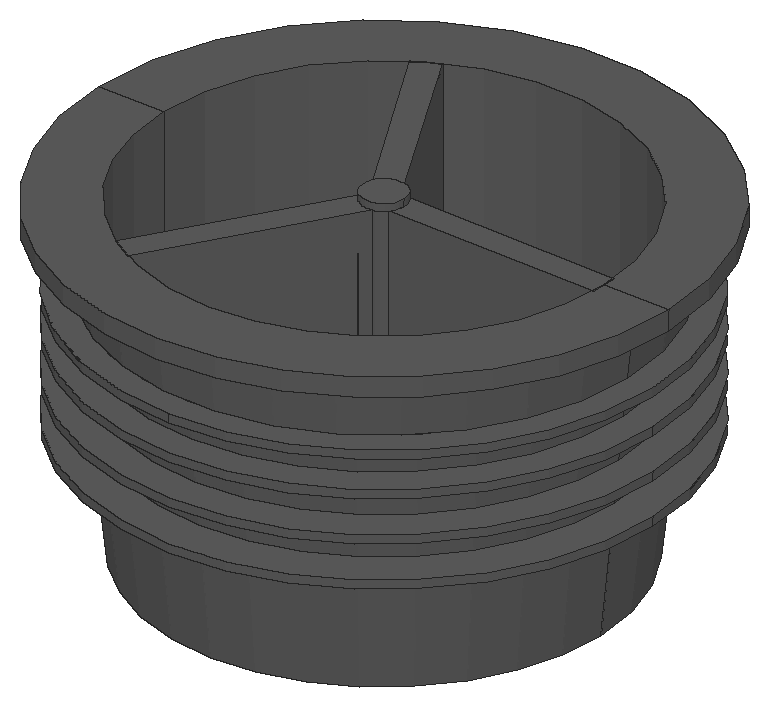
Revit family "Seal_Trap_Barrier-Zurn-Z1072", category Plumbing Fixtures, Revit 2022
Family settings
  Round Connector Dimension = Use Radius
  Part Type = Normal
  OmniClass Number = 23.45.55.21
  OmniClass Title = Drains (Wastes)
  Work Plane-Based = No
  Always vertical = Yes
  Cut with Voids When Loaded = No
  Maintain Annotation Orientation = No
  Shared = No
  Room Calculation Point = No
Parameters (values of type "Z1072-2 for 2 Inch Pipe/Outlet")
  Waste Connection = 1 = 1  # yes
  WFU = 1  # constant formula
  Vent Connection = 1 = 0  # no
  URL = "http://zurn.com"
  Tip Thickness = 0.070"
  Ribs Gap Diameter = [Diameter (A)] - 0.500"  # 1.700"
  Ribs Diameter = [Diameter (A)] - 0.125"  # 2.075"
  Product data url = "https://bimobject.com/zurnindustries/product/Z1072"
  Product Page URL = "https://www.zurn.com/products/drainage-interceptors/floor-drains/finish-floor-drains/z1072"
  Product Installation Sheet URL = "https://files.zurn.com/care-cleaning-install-warranty-sheets/fd95.pdf"
  Product Documentation Link = "https://files.zurn.com/spec-sheets/z1072.pdf"
  Inside Ribs Height = [Height (B)] / 2.25  # 0.54222"
  Flow Rate (G.P.M.) = 12.000"
  Ribs Gap Radius = Ribs Gap Diameter / 2  # 0.850"
  Bottom Diameter = 1.672"
  Diameter (A) = 2.200"
  Modified Date = "02/13/2026"  # constant formula
  Model = "Z1072"  # constant formula
  Manufacturer Brand = "Zurn"  # constant formula
  Manufacturer = "Zurn Water, LLC"  # constant formula
  Main Material = ABS - Zurn - Acrylonitrile Butadiene Styrene - Black
  Height (B) = 1.220"
  HWFU = 0  # constant formula
  HW Connection = 1 = 0  # no
  Description = "ZShield™ BARRIER TRAP SEAL DEVICE FOR FLOOR DRAINS"  # constant formula
  Default Elevation = 20.000"  # constant formula
  Date Created = "07/30/2020"  # constant formula
  CWFU = 0  # constant formula
  CW Connection = 1 = 0  # no
  Assembly Code = "D2030100"
Types (4): name | Tip Thickness | Ribs Gap Diameter | Ribs Diameter | Product data url | Inside Ribs Height | Flow Rate (G.P.M.) | Ribs Gap Radius | Bottom Diameter | Diameter (A) | Height (B)
  Z1072-2 for 2 Inch Pipe/Outlet | 0.070" | 1.700" | 2.075" | "https://bimobject.com/zurnindustries/product/Z1072" | 0.54222" | 12.000" | 0.850" | 1.672" | 2.200" | 1.220"
  Z1072-3 for 3 Inch Pipe/Outlet | 0.100" | 2.750" | 3.125" | "https://www.bimobject.com/en/search?sort=trending&fullText=Z1072&page=1" | 0.55556" | 34.000" | 1.375" | 2.500" | 3.250" | 1.250"
  Z1072-3.5 for 3.5 Inch Pipe/Outlet | 0.100" | 3.030" | 3.405" | "https://www.bimobject.com/en/search?sort=trending&fullText=Z1072&page=1" | 0.57778" | 52.000" | 1.515" | 3.150" | 3.530" | 1.300"
  Z1072-4 for 4 Inch Pipe/Outlet | 0.130" | 3.630" | 4.005" | "https://www.bimobject.com/en/search?sort=trending&fullText=Z1072&page=1" | 0.57778" | 73.000" | 1.815" | 3.550" | 4.130" | 1.300"
Reference planes (in)
  plane 1 "Center (Front/Back)": y = 0
  plane 2 "05": z = 0.07
  plane 3 "Center (Left/Right)": x = 0.32473
  plane 4 "Front": y = -7.5
  plane 5 "Back": y = 7.5
  plane 6: x = -0.77527
  plane 7: x = 1.42473
  plane 8: z = 0
  plane 9 "07": z = -1.15
  plane 10: x = -0.51127
  plane 11: x = 1.16073
  plane 12: x = -0.64327
  plane 13 "06": z = 0.095
  plane 14 "02": z = -0.54222
  plane 15: z = -0.51097
  plane 16: z = -0.66722
  plane 17 "01": z = -0.69847
  plane 18 "03": z = -0.38597
  plane 19: z = -0.35472
  plane 20: z = -0.21875
  plane 21 "04": z = -0.25
  plane 22: through (0.32473, 0, 48) normal (-0.866, -0.5, 0)
  plane 23: through (0.32473, 0, 48) normal (0.866, -0.5, 0)
Forms (in)
  Revolve 1, solid, material "ABS - Zurn - Acrylonitrile Butadiene Styrene - Black" <- "Main Material", detail levels fine
    sketch origin (0, 0, 0) x (1, 0, 0) y (0, 0, 1)
      loop
        line (-0.64327, 0) -> (-0.51127, -1.15) -> (0.32473, -1.15) -> (0.32473, 0.07) -> (-0.77527, 0.07) -> (-0.77527, 0) -> (-0.64327, 0)
      axis (0.32473, 0.07) -> (0.32473, -1.15)
    angle from 0 to 360
  Extrusion 2, solid, material "ABS - Zurn - Acrylonitrile Butadiene Styrene - Black" <- "Main Material", detail levels fine
    sketch origin (0, 0, 0) x (1, 0, 0) y (0, 1, 0)
      loop
        circle (0.32473, 0) r 0.078
    from 0 to 0.095
  Extrusion 3, solid, material "ABS - Zurn - Acrylonitrile Butadiene Styrene - Black" <- "Main Material", detail levels fine
    sketch origin (0, 0, -0.69847) x (-1, 0, 0) y (0, -1, 0)
      loop
        circle (-0.32473, 0) r 1.0375
    from 0 to 0.03125
  Extrusion 4, solid, material "ABS - Zurn - Acrylonitrile Butadiene Styrene - Black" <- "Main Material", detail levels fine
    sketch origin (0, 0, -0.54222) x (-1, 0, 0) y (0, -1, 0)
      loop
        circle (-0.32473, 0) r 1.0375
    from 0 to 0.03125
  Extrusion 5, solid, material "ABS - Zurn - Acrylonitrile Butadiene Styrene - Black" <- "Main Material", detail levels fine
    sketch origin (0, 0, -0.38597) x (-1, 0, 0) y (0, -1, 0)
      loop
        circle (-0.32473, 0) r 1.0375
    from 0 to 0.03125
  Extrusion 6, solid, material "ABS - Zurn - Acrylonitrile Butadiene Styrene - Black" <- "Main Material", detail levels fine
    sketch origin (0, 0, -0.25) x (0, -1, 0) y (1, 0, 0)
      loop
        circle (0, 0.32473) r 1.0375
    from 0 to 0.03125
  Extrusion 7, void
    sketch origin (0, 0, -0.38597) x (-1, 0, 0) y (0, -1, 0)
      loop
        circle (-0.32473, 0) r 0.85
    from -0.15625 to 0.45597
  Extrusion 8, solid, material "ABS - Zurn - Acrylonitrile Butadiene Styrene - Black" <- "Main Material", detail levels fine
    sketch origin (0, 0, -0.38597) x (-1, 0, 0) y (0, -1, 0)
      loop
        arc (-0.38459, -0.05) -> (-0.40273, 0) -> (-0.38459, 0.05) r 0.078
        line (-0.38459, 0.05) -> (-1.17325, 0.05)
        arc (-1.17325, 0.05) -> (-1.17473, 0) -> (-1.17325, -0.05) r 0.85
        line (-1.17325, -0.05) -> (-0.38459, -0.05)
      loop
        arc (0.05624, -0.75985) -> (0.10027, -0.73612) -> (0.14284, -0.70985) r 0.85
        line (0.14284, -0.70985) -> (-0.25149, -0.02685)
        arc (-0.25149, -0.02685) -> (-0.28573, -0.06755) -> (-0.33809, -0.07685) r 0.078
        line (-0.33809, -0.07685) -> (0.05624, -0.75985)
      loop
        line (-0.25149, 0.02685) -> (0.14284, 0.70985)
        arc (0.14284, 0.70985) -> (0.10027, 0.73612) -> (0.05624, 0.75985) r 0.85
        line (0.05624, 0.75985) -> (-0.33809, 0.07685)
        arc (-0.33809, 0.07685) -> (-0.28573, 0.06755) -> (-0.25149, 0.02685) r 0.078
    from -0.15625 to 0.45597
Cuts and joins
  Extrusion 7 cuts Extrusion 2
  Extrusion 7 cuts Revolve 1
  Extrusion 7 cuts Extrusion 5
  Extrusion 7 cuts Extrusion 6
  joined: Revolve 1, Extrusion 5, Extrusion 6
Lines and regions (in)
  Masking region 1, detail levels fine
    outline origin (0, 0, 0.095) x (-1, 0, 0) y (0, -1, 0)
      loop
        circle (-0.32473, 0) r 1.1
  model lines, detail levels coarse+medium
    curve 1: circle (0.32473, 0, 0.07) r 1.1 normal (0, 0, 1)
    curve 2: circle (0.32473, 0, 0.07) r 0.85 normal (0, 0, 1)
    curve 3: circle (0.32473, 0, 0.095) r 0.078 normal (0, 0, 1)
    curve 4: line (0.32473, 0, 0.07) -> (0.32473, 0, -1.15)
    curve 5: circle (0.32473, 0, -1.15) r 0.836 normal (0, 0, 1)
Dimensions and locks (in)
  equal spacing: plane 4 "Front", plane 1 "Center (Front/Back)", plane 5 "Back"
  locked: plane 4 "Front" to plane 5 "Back" at 15
  equal spacing: plane 7, plane 3 "Center (Left/Right)", plane 6
  "Diameter (A)": plane 7 to plane 6
  "Bottom Diameter": plane 11 to plane 10
  equal spacing: plane 11, plane 3 "Center (Left/Right)", plane 10
  locked: plane 12 to plane 6 at 0.132
  "Height (B)": plane 2 "05" to plane 9 "07"
  "Tip Thickness": plane 2 "05" to plane 8
  locked: plane 13 "06" to plane 2 "05" at 0.025
  level to plane 9 "07" = 1.150"
  "Inside Ribs Height": level to plane 14 "02"
  locked: plane 15 to plane 14 "02" at 0.03125
  locked: plane 14 "02" to plane 16 at 0.125
  locked: plane 16 to plane 17 "01" at 0.03125
  locked: plane 18 "03" to plane 15 at 0.125
  locked: plane 19 to plane 18 "03" at 0.03125
  locked: level to plane 21 "04" at 0.25
  locked: plane 20 to plane 21 "04" at 0.03125
  locked: Extrusion 8 sketch curve to Extrusion 8 sketch curve at 0.1  (x3)
  equal spacing: Extrusion 8 sketch curve, plane 1 "Center (Front/Back)", Extrusion 8 sketch curve
  equal spacing: Extrusion 8 sketch curve, plane 22, Extrusion 8 sketch curve
  equal spacing: Extrusion 8 sketch curve, plane 23, Extrusion 8 sketch curve
  diameter of Extrusion 2 sketch curve = 0.156"
  "Ribs Diameter": diameter of Extrusion 3 sketch curve
  "Ribs Diameter": diameter of Extrusion 4 sketch curve
  "Ribs Diameter": diameter of Extrusion 5 sketch curve
  "Ribs Diameter": diameter of Extrusion 6 sketch curve
  "Ribs Gap Diameter": diameter of Extrusion 7 sketch curve
  "Ribs Gap Radius": radius of Extrusion 8 sketch curve  (x3)
  "Diameter (A)": diameter of curve 1
  "Ribs Gap Diameter": diameter of curve 2
  diameter of curve 3 = 0.156"
  "Bottom Diameter": diameter of curve 5
  "Diameter (A)": diameter of Masking region 1 sketch curve
  aligned and locked: plane 3 "Center (Left/Right)" to Revolve 1 sketch curve  (x2)
  aligned and locked: plane 6 to Revolve 1 sketch curve
  aligned and locked: Revolve 1 to plane 9 "07"
  aligned and locked: plane 12 to Revolve 1 sketch curve
  aligned and locked: plane 1 "Center (Front/Back)" to Extrusion 2 sketch curve
  aligned and locked: plane 3 "Center (Left/Right)" to Extrusion 2 sketch curve
  aligned and locked: Extrusion 2 to level
  aligned and locked: plane 13 "06" to Extrusion 2
  aligned and locked: level to plane 8
  aligned and locked: Revolve 1 sketch curve to plane 2 "05"
  aligned and locked: Extrusion 3 to plane 17 "01"
  aligned and locked: plane 16 to Extrusion 3
  aligned and locked: plane 1 "Center (Front/Back)" to Extrusion 3 sketch curve
  aligned and locked: plane 3 "Center (Left/Right)" to Extrusion 3 sketch curve
  aligned and locked: plane 1 "Center (Front/Back)" to Extrusion 4 sketch curve
  aligned and locked: plane 3 "Center (Left/Right)" to Extrusion 4 sketch curve
  aligned and locked: Extrusion 4 to plane 14 "02"
  aligned and locked: plane 15 to Extrusion 4
  aligned and locked: plane 1 "Center (Front/Back)" to Extrusion 5 sketch curve
  aligned and locked: plane 3 "Center (Left/Right)" to Extrusion 5 sketch curve
  aligned and locked: Extrusion 5 to plane 18 "03"
  aligned and locked: Extrusion 5 to plane 19
  aligned and locked: plane 1 "Center (Front/Back)" to Extrusion 6 sketch curve
  aligned and locked: plane 3 "Center (Left/Right)" to Extrusion 6 sketch curve
  aligned and locked: plane 21 "04" to Extrusion 6
  aligned and locked: Extrusion 6 to plane 20
  aligned and locked: plane 1 "Center (Front/Back)" to Extrusion 7 sketch curve
  aligned and locked: plane 3 "Center (Left/Right)" to Extrusion 7 sketch curve
  aligned and locked: Extrusion 7 to plane 14 "02"
  aligned and locked: plane 2 "05" to Extrusion 7
  aligned and locked: Extrusion 8 to plane 14 "02"
  aligned and locked: plane 2 "05" to Extrusion 8
  aligned and locked: plane 1 "Center (Front/Back)" to curve 1
  aligned and locked: plane 3 "Center (Left/Right)" to curve 1
  aligned and locked: plane 1 "Center (Front/Back)" to curve 2
  aligned and locked: plane 3 "Center (Left/Right)" to curve 2
  aligned and locked: plane 1 "Center (Front/Back)" to curve 3
  aligned and locked: plane 3 "Center (Left/Right)" to curve 3
  aligned and locked: plane 2 "05" to curve 4
  aligned and locked: plane 9 "07" to curve 4
  aligned and locked: curve 4 to plane 3 "Center (Left/Right)"
  aligned and locked: plane 3 "Center (Left/Right)" to curve 5
  aligned and locked: plane 1 "Center (Front/Back)" to curve 5
  aligned and locked: plane 3 "Center (Left/Right)" to Masking region 1 sketch curve
  aligned and locked: plane 1 "Center (Front/Back)" to Masking region 1 sketch curve
  aligned and locked: plane 10 to Revolve 1 sketch curve
  aligned and locked: level to Revolve 1 sketch curve
  aligned and locked: plane 9 "07" to Revolve 1 sketch curve
  aligned and locked: Extrusion 8 sketch curve to cut or joined group of Extrusion 2, Extrusion 7  (x3)
Automatic sketch dimensions
  Extrusion 8 sketch curve to Extrusion 8 sketch curve = 0.000"  (x6)
  Revolve 1 sketch curve to plane 3 "Center (Left/Right)" = 0.000"
  Revolve 1 sketch curve to plane 9 "07" = 4.51183"
  plane 13 "06" to Revolve 1 sketch curve = 2.06714"
